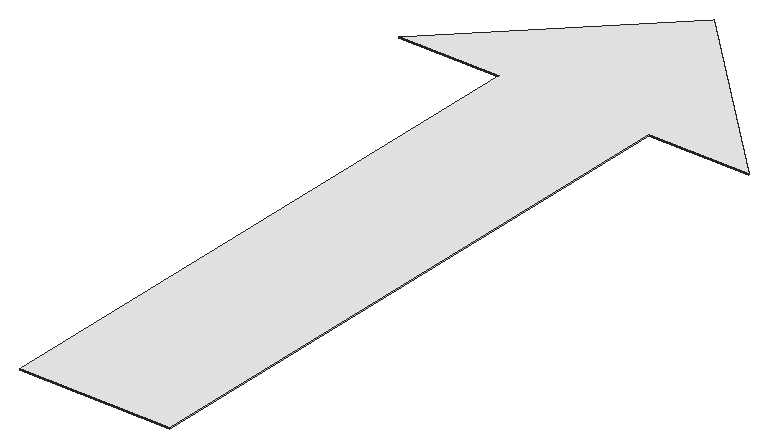
Revit family
Reference planes
  plane 1 "Center (Front/Back)": y = 0
  plane 2: z = 0
  plane 3 "Center (Left/Right)": x = 0
Forms (mm)
  Extrusion 1, solid, material "Paint - White"
    sketch origin (0, 0, 0) x (1, 0, 0) y (0, 1, 0)
      loop
        line (-355.6, 1219.2) -> (-152.4, 1219.2) -> (-152.4, 0) -> (152.4, 0) -> (152.4, 1219.2) -> (355.6, 1219.2) -> (0, 1574.8) -> (-355.6, 1219.2)
    from 0 to 1.587
